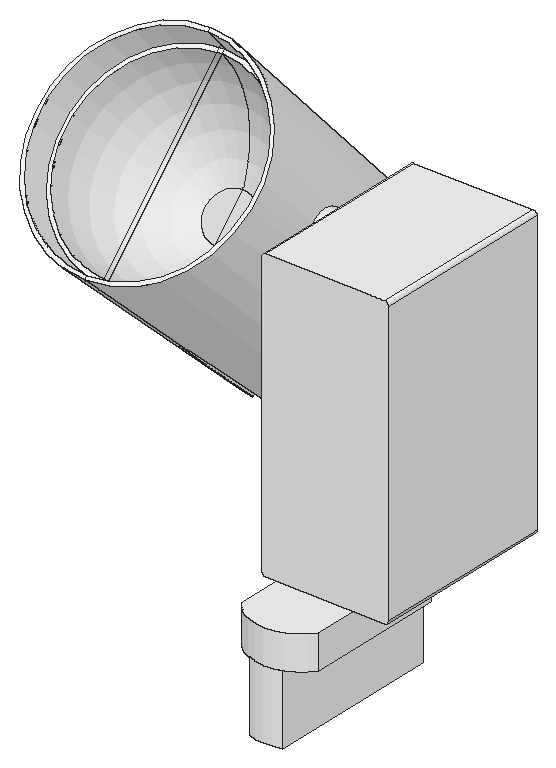
Revit family "0004861 Feilo Sylvania Lighting Fixture START TRACK SPOT S 14W 3K RA90 WB WHITE", category Lighting Fixtures, host Face, Revit 2017 (continued)
Definition of nested family "Start Track Spot Head"
  Types (96, lengths in mm): name | Wattage | built-in parameter 1150134 | Photometric Web File | Model | built-in parameter 1150105 | Lumens | built-in parameter 1150107 | built-in parameter 1150106 | HeadThickness_FEILO | HeadRibOffset_FEILO | HeadRibDepth_FEILO | HeadRibCutWidth_FEILO | HeadRibCutOffset_FEILO | HeadReflectorRadius_FEILO | HeadReflectorOffset_FEILO | HeadLEDRadius_FEILO | HeadHeight_FEILO | HeadDiffusorOffset_FEILO | HeadDiaOut_FEILO | HeadDiaIn_FEILO | HeadAxisFromTop_FEILO | Emit from Circle Diameter | built-in parameter 1150104 | Description | Apparent Load
    0004812 START TRACK SPOT S 14W 3K RA80 MB WHITE | 14 W | (empty or 0) | "0004812.ies" | "START TRACK SPOT S 14W 3K RA80 MB WHITE" | 120.32 (stored number, unit not read) | 1512 lm | 3000 (stored number, unit not read) | 1.2032 (stored number, unit not read) | 1.5 | 4.179 | 55.714 | 7.167 | 50.87 | 50.588 | 55.714 | 9.556 | 117 | 9.435 | 86 | 77.477 | 69.354 | 77.477 | 10.034 (stored number, unit not read) | "Integrated LED spotlight, Textured White - RAL9016, compact and minimalist design, ideal for retail applications, die-cast aluminium body, passive cooling heatsink. Beam angle: 36°, color temperature: 3000K , total system power: 14W, total fixture output: 1508 lm, LOR: 100%, colour rendering: Ra: 80 typical, LED Chromaticity: 3 step MacAdam ellipse, lifetime: >50000 hours at L70B50, energy class: A++, A+, A, IR/UV free light source without heat radiation, operating voltage: 220-240V / 50-60Hz, drive current: 350mA, electronic driver, non-dimmable, power factor: 0.92, electrical protection: Class II, Global Track 3 Phase adapter suitable for Global trac 3-circuit tracks, ingress protection rating: IP20, suitable for internal environment only, horizontal rotation: 355°, vertical tilt: 90°, dimensions: Ø86x140x200, weight: 0.940kg." | 14 VA
    0004811 START TRACK SPOT S 14W 3K RA80 NB WHITE | 14 W | (empty or 0) | "0004811.ies" | "START TRACK SPOT S 14W 3K RA80 NB WHITE" | 123.66 (stored number, unit not read) | 1554 lm | 3000 (stored number, unit not read) | 1.2366 (stored number, unit not read) | 1.5 | 4.179 | 55.714 | 7.167 | 50.87 | 50.588 | 55.714 | 9.556 | 117 | 9.435 | 86 | 77.477 | 69.354 | 77.477 | 10.312 (stored number, unit not read) | "Integrated LED spotlight, Textured White - RAL9016, compact and minimalist design, ideal for retail applications, die-cast aluminium body, passive cooling heatsink. Beam angle: 12°, color temperature: 3000K , total system power: 14W, total fixture output: 1551 lm, LOR: 100%, colour rendering: Ra: 80 typical, LED Chromaticity: 3 step MacAdam ellipse, lifetime: >50000 hours at L70B50, energy class: A++, A+, A, IR/UV free light source without heat radiation, operating voltage: 220-240V / 50-60Hz, drive current: 350mA, electronic driver, non-dimmable, power factor: 0.92, electrical protection: Class II, Global Track 3 Phase adapter suitable for Global trac 3-circuit tracks, ingress protection rating: IP20, suitable for internal environment only, horizontal rotation: 355°, vertical tilt: 90°, dimensions: Ø86x140x200, weight: 0.940kg." | 14 VA
  Reference planes
    plane 1 "Center (Front/Back)": y = 0
    plane 2: z = 0
    plane 3 "Center (Left/Right)": x = 0
    plane 4: x = 43
    plane 5: x = -43
    plane 6: x = -38.739
    plane 7: x = 38.739
    plane 8: z = 69.354
    plane 9: z = -47.646
    plane 10: x = -41.5
    plane 11: x = -37.239
    plane 12: z = -38.211
    plane 13: z = -35.211
    plane 14: z = 8.068
    plane 15: x = -9.556
    plane 16: x = -28.667
    plane 17: x = -19.111
    plane 18: x = -27.167
    plane 19: x = -17.611
    plane 20: x = -8.056
    plane 21: z = 13.64
    plane 22: x = -29.667
    plane 23: x = -26.167
    plane 24: x = -20.111
    plane 25: x = -16.611
    plane 26: x = -10.556
    plane 27: x = -7.056
    plane 28: x = -36.239
    plane 29: x = -40.5
    plane 30: z = 65.175
    plane 31: z = 60.997
    plane 32: z = 56.818
    plane 33: z = 18.484
    plane 34: y = -43
    plane 35: y = 43
    plane 36: y = 3.583
    plane 37: y = -3.583
    plane 38: y = -2.583
    plane 39: y = 2.583
    plane 40: y = 46
    plane 41: z = 13.5
    plane 42: z = -13.5
    plane 43: y = 39
    plane 44: x = 4.708
    plane 45: x = -2.458
    plane 46: x = -1.458
    plane 47: x = 1.458
  Forms (mm)
    Extrusion 1, solid
      sketch origin (4.2, 0, 0) x (1, 0, 0) y (0, 1, 0)
        loop
          line (-1219.2, 1219.2) -> (-1219.2, -1219.2) -> (1219.2, -1219.2) -> (1219.2, 1219.2) -> (-1219.2, 1219.2)
      from 0 to -68.017
    Revolve 2, solid, material <- "Material_1_FEILO", detail levels medium+fine
      sketch origin (0, 0, 0) x (1, 0, 0) y (0, 0, 1)
        loop
          line (-43, -47.646) -> (-41.5, -47.646) -> (-40.5, -35.211) -> (-38.739, -35.211)
          arc (-38.739, -35.211) -> (-30.16, -9.517) -> (-9.556, 8.068) r 50.588
          line (-9.556, 8.068) -> (0, 8.068) -> (0, 13.64) -> (-16.611, 13.64) -> (-17.611, 60.997) -> (-19.111, 60.997) -> (-20.111, 13.64) -> (-36.239, 13.64) -> (-37.239, 69.354) -> (-38.739, 69.354) -> (-43, -47.646)
        axis (0, 69.354) -> (0, -47.646)
      angle from 360 to 0
    Extrusion 3, void
      sketch origin (0, 0, 0) x (0, 1, 0) y (0, 0, 1)
        loop
          line (-3.583, 69.354) -> (-2.583, 18.484) -> (1.932, 18.484) -> (2.932, 69.354) -> (-3.583, 69.354)
      from 43 to -43
    Revolve 4, solid, material <- "Material_2_FEILO", detail levels medium+fine
      sketch origin (0, 0, 0) x (1, 0, 0) y (0, 0, 1)
        loop
          line (-41.5, -38.211) -> (0, -38.211) -> (0, -35.211) -> (-41.5, -35.211) -> (-41.5, -38.211)
        axis (0, -35.211) -> (0, -38.211)
      angle from 360 to 0
    Revolve 5, solid, material <- "Material_1_FEILO"
      sketch origin (0, 0, 0) x (0, 1, 0) y (0, 0, 1)
        loop
          line (46, 0) -> (39, 0) -> (39, -13.5) -> (46, -13.5) -> (46, 0)
        axis (39, 0) -> (46, 0)
      angle from 360 to 0
    Revolve 6, solid, material <- "Material_1_FEILO", detail levels medium+fine
      sketch origin (0, 0, 0) x (1, 0, 0) y (0, 0, 1)
        loop
          line (-29.667, 13.64) -> (-26.167, 13.64) -> (-27.167, 65.175) -> (-28.667, 65.175) -> (-29.667, 13.64)
        loop
          line (-10.556, 13.64) -> (-7.056, 13.64) -> (-7.833, 56.818) -> (-9.778, 56.818) -> (-10.556, 13.64)
        axis (0, 65.175) -> (0, 13.64)
      angle from 360 to 0
    Extrusion 7, void
      sketch origin (0, 0, 0) x (1, 0, 0) y (0, 0, 1)
        loop
          line (4.708, 69.354) -> (-2.458, 69.354) -> (-1.458, 13.64) -> (1.458, 13.64) -> (4.708, 69.354)
      from -43 to 43
    Revolve 8, solid, material <- "Material_1_FEILO", detail levels coarse
      sketch origin (0, 0, 0) x (1, 0, 0) y (0, 0, 1)
        loop
          line (0, 69.354) -> (-38.739, 69.354) -> (-43, -47.646) -> (-41.5, -47.646) -> (-40.731, -38.211) -> (0, -38.211) -> (0, 69.354)
        axis (0, 69.354) -> (0, -47.646)
      angle from 360 to 0
  Cuts and joins
    Extrusion 3 cuts Revolve 2
    Extrusion 7 cuts Revolve 6
  Dimensions and locks
    equal spacing: plane 7, plane 3 "Center (Left/Right)", plane 6
    equal spacing: plane 4, plane 3 "Center (Left/Right)", plane 5
    "HeadDiaOut_FEILO": plane 4 to plane 5
    "HeadDiaIn_FEILO": plane 7 to plane 6
    "HeadHeight_FEILO": plane 8 to plane 9
    "HeadThickness_FEILO": plane 10 to plane 5
    "HeadThickness_FEILO": plane 11 to plane 6
    "HeadDiffusorOffset_FEILO": plane 12 to plane 9
    "HeadDiffusorThickness_FEILO": plane 13 to plane 12
    "HeadReflectorOffset_FEILO": plane 14 to plane 9
    "HeadLEDRadius_FEILO": plane 3 "Center (Left/Right)" to plane 15
    "HeadLEDRadius_FEILO": plane 15 to plane 17
    "HeadLEDRadius_FEILO": plane 17 to plane 16
    "HeadThickness_FEILO": plane 18 to plane 16
    "HeadThickness_FEILO": plane 19 to plane 17
    "HeadThickness_FEILO": plane 20 to plane 15
    "HeadRibDepth_FEILO": plane 8 to plane 21
    "HeadDraft_FEILO": plane 16 to plane 22
    "HeadDraft_FEILO": plane 23 to plane 18
    "HeadDraft_FEILO": plane 17 to plane 24
    "HeadDraft_FEILO": plane 25 to plane 19
    "HeadDraft_FEILO": plane 15 to plane 26
    "HeadDraft_FEILO": plane 27 to plane 20
    "HeadDraft_FEILO": plane 29 to plane 10
    "HeadDraft_FEILO": plane 28 to plane 11
    "HeadRibOffset_FEILO": plane 8 to plane 30
    "HeadRibOffset_FEILO": plane 30 to plane 31
    "HeadRibOffset_FEILO": plane 31 to plane 32
    "HeadAxisFromTop_FEILO": plane 8 to plane 2
    "HeadRibCutOffset_FEILO": plane 8 to plane 33
    equal spacing: plane 34, plane 1 "Center (Front/Back)", plane 35
    "HeadDiaOut_FEILO": plane 34 to plane 35
    equal spacing: plane 38, plane 1 "Center (Front/Back)", plane 39
    equal spacing: plane 37, plane 1 "Center (Front/Back)", plane 36
    "HeadRibCutWidth_FEILO": plane 37 to plane 36
    "HeadDraft_FEILO": plane 37 to plane 38
    locked: plane 35 to plane 40 at 3
    equal spacing: plane 41, plane 2, plane 42
    locked: plane 42 to plane 41 at 27
    locked: plane 43 to plane 35 at 4
    equal spacing: plane 45, imposter light, plane 44
    "HeadDraft_FEILO": plane 46 to plane 45
    "HeadRibCutWidth_FEILO": plane 44 to plane 45
    equal spacing: plane 47, plane 3 "Center (Left/Right)", plane 46
    "HeadReflectorRadius_FEILO": radius of Revolve 2 sketch curve
    aligned and locked: plane 2 to Extrusion 1
    aligned and locked: level to Extrusion 1
    aligned and locked: Revolve 2 sketch curve to plane 3 "Center (Left/Right)"  (x2)
    aligned and locked: plane 9 to Revolve 2 sketch curve  (x2)
    aligned and locked: plane 5 to Revolve 2 sketch curve
    aligned and locked: plane 10 to Revolve 2 sketch curve
    aligned and locked: plane 14 to Revolve 2 sketch curve
    aligned and locked: plane 8 to Revolve 2 sketch curve
    aligned and locked: Revolve 2 sketch curve to plane 13
    aligned and locked: plane 12 to Revolve 4 sketch curve
    aligned and locked: plane 3 "Center (Left/Right)" to Revolve 4 sketch curve
    aligned and locked: Revolve 4 sketch curve to plane 10
    aligned and locked: Revolve 4 sketch curve to plane 3 "Center (Left/Right)"
    aligned and locked: plane 12 to imposter light
    aligned and locked: imposter light to plane 1 "Center (Front/Back)"
    aligned and locked: Revolve 5 sketch curve to plane 2
    aligned and locked: plane 43 to Revolve 5 sketch curve
    aligned and locked: plane 42 to Revolve 5 sketch curve
    aligned and locked: Revolve 6 sketch curve to plane 3 "Center (Left/Right)"
    aligned and locked: plane 22 to Revolve 6 sketch curve
    aligned and locked: plane 30 to Revolve 6 sketch curve
    aligned and locked: plane 23 to Revolve 6 sketch curve
    aligned and locked: Revolve 6 sketch curve to plane 21  (x2)
    aligned and locked: plane 21 to Revolve 6 sketch curve
    aligned and locked: plane 17 to Revolve 2 sketch curve
    aligned and locked: plane 19 to Revolve 2 sketch curve
    aligned and locked: plane 31 to Revolve 2 sketch curve
    aligned and locked: plane 21 to Revolve 2 sketch curve
    aligned and locked: Extrusion 3 to plane 8
    aligned and locked: plane 33 to Extrusion 3
    aligned and locked: plane 8 to Extrusion 3 sketch curve
    aligned and locked: Extrusion 3 sketch curve to plane 33
    aligned and locked: Extrusion 3 to plane 5
    aligned and locked: plane 4 to Extrusion 3
    aligned and locked: plane 32 to Revolve 6 sketch curve
    aligned and locked: plane 44 to Extrusion 7 sketch curve
    aligned and locked: Extrusion 7 sketch curve to plane 8
    aligned and locked: plane 46 to Extrusion 7 sketch curve
    aligned and locked: plane 21 to Extrusion 7 sketch curve
    aligned and locked: plane 34 to Extrusion 7
    aligned and locked: Extrusion 7 to plane 35
    aligned and locked: Revolve 4 sketch curve to plane 13
    aligned and locked: Revolve 5 sketch curve to plane 40
    aligned and locked: Revolve 8 sketch curve to plane 3 "Center (Left/Right)"
    aligned and locked: Revolve 8 sketch curve to cut or joined group of Revolve 2, Extrusion 3  (x3)
    aligned and locked: plane 5 to Revolve 8 sketch curve
    aligned and locked: plane 3 "Center (Left/Right)" to Revolve 8 sketch curve
    aligned and locked: plane 12 to Revolve 8 sketch curve
  Automatic sketch dimensions
    Extrusion 1 sketch curve to Extrusion 1 sketch curve = 2438.4 mm  (x2)
    Extrusion 3 sketch curve to plane 37 = 0 mm
    Extrusion 3 sketch curve to plane 38 = 0 mm
    plane 39 to Extrusion 3 sketch curve = 0.651 mm
    Extrusion 3 sketch curve to plane 39 = 0.349 mm
    Revolve 6 sketch curve to plane 16 = 0 mm
    Revolve 6 sketch curve to plane 18 = 0 mm
    Revolve 6 sketch curve to plane 26 = 0 mm
    Revolve 6 sketch curve to plane 27 = 0 mm
    Revolve 6 sketch curve to plane 15 = 0.222 mm
    plane 9 to Revolve 6 sketch curve = 559.103 mm
    Revolve 6 sketch curve to plane 8 = 2535.555 mm
    plane 20 to Revolve 6 sketch curve = 0.222 mm
    Revolve 2 sketch curve to plane 29 = 0 mm
    Revolve 2 sketch curve to plane 6 = 0 mm  (x2)
    Revolve 2 sketch curve to plane 11 = 0 mm
    Revolve 2 sketch curve to plane 21 = 0 mm
    Revolve 2 sketch curve to plane 28 = 0 mm
    Revolve 2 sketch curve to plane 24 = 0 mm
    Revolve 2 sketch curve to plane 25 = 0 mm
    Revolve 2 sketch curve to plane 15 = 0 mm
    Revolve 2 sketch curve to Revolve 2 sketch curve = 557.155 mm
    Revolve 2 sketch curve to plane 8 = 2535.558 mm
    Extrusion 7 sketch curve to plane 45 = 0 mm
    Extrusion 7 sketch curve to plane 47 = 0 mm
    plane 9 to Revolve 4 sketch curve = 559.103 mm
    Revolve 4 sketch curve to plane 8 = 2535.555 mm
    Revolve 5 sketch curve to level = 0 mm
    plane 34 to Revolve 5 sketch curve = 1968.092 mm
    Revolve 5 sketch curve to plane 40 = 1405.763 mm
    Revolve 8 sketch curve to plane 6 = 0 mm
    Revolve 8 sketch curve to plane 29 = 0.231 mm
    plane 9 to Revolve 8 sketch curve = 559.103 mm
    Revolve 8 sketch curve to Revolve 8 sketch curve = 2535.555 mm
Definition of nested family "Start Track Spot Box"
  Parameters (values of type "Type Large White")
    URL = "http://www.feilosylvania.com"
    Type Image = (empty or 0)
    Type Comments = "n/a"
    Small_FEILO = no
    Material_3_FEILO = none
    Model = ""
    Manufacturer = "Feilo Sylvania"
    Keynote = ""
    Material_2_FEILO = none
    Description = ""
    Default Elevation = 1219.2 mm
    Cost = 0
    Material_1_FEILO = none
    BoxWidth_FEILO = 49 mm
    BoxStartAngle_FEILO [instance] = 0.00°
    BoxRadius_FEILO = 1.5 mm
    BoxHeight_FEILO = if(Small_FEILO, 112 mm, 136 mm)  # 136 mm
    BoxEndAngle_FEILO [instance] = BoxStartAngle_FEILO - 180.00°  # -180.00°
    BoxDepth_FEILO = if(Small_FEILO, 71.5 mm, 79 mm)  # 79 mm
    BoxAxisVerticalOffset_FEILO = 16 mm
    BoxAxisOffset_FEILO = BoxHeight_FEILO / 6.8  # 20 mm
    Assembly Code = ""
    Material_4_FEILO = none
  Types (4, lengths in mm): name | Small_FEILO | BoxHeight_FEILO | BoxDepth_FEILO | BoxAxisOffset_FEILO
    Type Large White | no | 136 | 79 | 20
    Type Small White | yes | 112 | 71.5 | 16.471
    Type Small Black | yes | 112 | 71.5 | 16.471
    Type Large Black | no | 136 | 79 | 20
  Reference planes
    plane 1 "Center (Front/Back)": y = 0
    plane 2: z = 0
    plane 3 "Center (Left/Right)": x = 0
    plane 4: x = 24.5
    plane 5: x = -24.5
    plane 6: y = 68
    plane 7: y = -68
    plane 8: z = 39.5
    plane 9: z = -39.5
    plane 10: y = -48
    plane 11: x = 30.5
    plane 12: x = 8.5
    plane 13: x = 21.5
    plane 14: y = 70
    plane 15: y = 72
    plane 16: x = 19.5
  Forms (mm)
    Extrusion 1, solid
      sketch origin (4.2, 0, 0) x (1, 0, 0) y (0, 1, 0)
        loop
          line (-1219.2, 1219.2) -> (-1219.2, -1219.2) -> (1219.2, -1219.2) -> (1219.2, 1219.2) -> (-1219.2, 1219.2)
      from 0 to -68.017
    Extrusion 2, solid, material <- "Material_1_FEILO"
      sketch origin (0, 0, 0) x (1, 0, 0) y (0, 1, 0)
        loop
          arc (-23, 68) -> (-24.061, 67.561) -> (-24.5, 66.5) r 1.5
          line (-24.5, 66.5) -> (-24.5, -66.5)
          arc (-24.5, -66.5) -> (-24.061, -67.561) -> (-23, -68) r 1.5
          line (-23, -68) -> (23, -68)
          arc (23, -68) -> (24.061, -67.561) -> (24.5, -66.5) r 1.5
          line (24.5, -66.5) -> (24.5, 66.5)
          arc (24.5, 66.5) -> (24.061, 67.561) -> (23, 68) r 1.5
          line (23, 68) -> (-23, 68)
      from -39.5 to 39.5
    Revolve 3, solid, not visible
      sketch origin (0, 0, 0) x (1, 0, 0) y (0, 1, 0)
        loop
          line (30.5, -48) -> (24.5, -48) -> (24.5, -68) -> (30.5, -68) -> (30.5, -48)
        axis (30.5, -48) -> (24.5, -48)
      angle from 0 <- "BoxStartAngle_FEILO" to -180 <- "BoxEndAngle_FEILO"
    Revolve 4, solid, material <- "Material_2_FEILO"
      sketch origin (0, 0, 0) x (1, 0, 0) y (0, 1, 0)
        loop
          line (8.5, 68) -> (19.5, 68) -> (19.5, 70) -> (21.5, 70) -> (21.5, 72) -> (8.5, 72) -> (8.5, 68)
        axis (8.5, 72) -> (8.5, 68)
      angle from 360 to 0
  Dimensions and locks
    equal spacing: plane 5, plane 3 "Center (Left/Right)", plane 4
    "BoxWidth_FEILO": plane 5 to plane 4
    equal spacing: plane 7, plane 1 "Center (Front/Back)", plane 6
    "BoxHeight_FEILO": plane 7 to plane 6
    equal spacing: plane 8, plane 2, plane 9
    "BoxDepth_FEILO": plane 8 to plane 9
    "BoxAxisOffset_FEILO": plane 7 to plane 10
    locked: plane 4 to plane 11 at 6
    "BoxAxisVerticalOffset_FEILO": plane 12 to plane 4
    locked: plane 12 to plane 13 at 13
    plane 6 to plane 14 to plane 15 = 2 mm locked, 2 mm locked
    locked: plane 12 to plane 16 at 11
    "BoxRadius_FEILO": radius of Extrusion 2 sketch curve  (x4)
    aligned and locked: plane 2 to Extrusion 1
    aligned and locked: level to Extrusion 1
    aligned and locked: plane 6 to Extrusion 2 sketch curve
    aligned and locked: plane 5 to Extrusion 2 sketch curve
    aligned and locked: Extrusion 2 sketch curve to plane 7
    aligned and locked: Extrusion 2 sketch curve to plane 4
    aligned and locked: Extrusion 2 to plane 8
    aligned and locked: plane 9 to Extrusion 2
    aligned and locked: Revolve 3 sketch curve to plane 10  (x2)
    aligned and locked: plane 11 to Revolve 3 sketch curve
    aligned and locked: Revolve 3 sketch curve to plane 4
    aligned and locked: plane 7 to Revolve 3 sketch curve
    aligned and locked: Revolve 4 sketch curve to plane 12
    aligned and locked: plane 6 to Revolve 4 sketch curve
    aligned and locked: plane 12 to Revolve 4 sketch curve
    aligned and locked: plane 15 to Revolve 4 sketch curve
    aligned and locked: Revolve 4 sketch curve to plane 13
    aligned and locked: Revolve 4 sketch curve to plane 14
    aligned and locked: Revolve 4 sketch curve to plane 16
    aligned and locked: Revolve 4 sketch curve to plane 6
  Automatic sketch dimensions
    Extrusion 1 sketch curve to Extrusion 1 sketch curve = 2438.4 mm  (x2)
    Revolve 3 sketch curve to plane 5 = 1499.5 mm
    plane 11 to Revolve 3 sketch curve = 1493.5 mm
    plane 15 to Revolve 4 sketch curve = 0 mm
    plane 7 to Revolve 4 sketch curve = 1456 mm
    Revolve 4 sketch curve to plane 15 = 1452 mm
